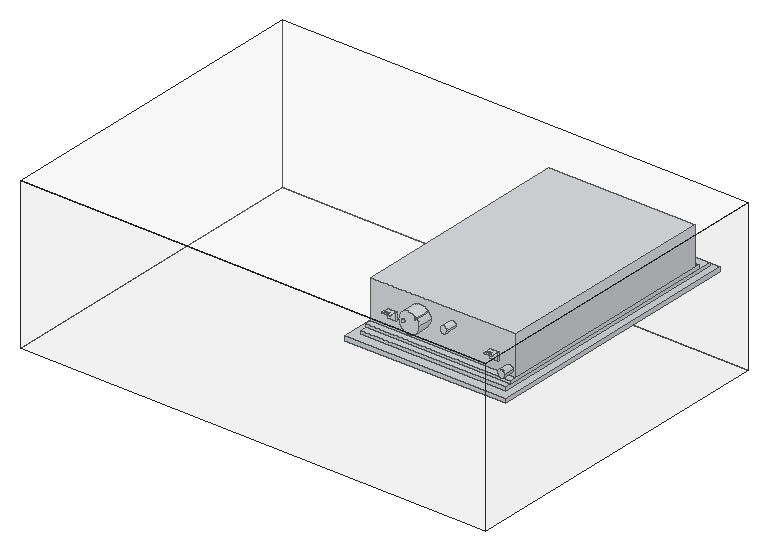
Revit family "pm-rp40_80fa21_60hz", category 機械設備, Revit 2019
Family settings
  丸型コネクタ寸法 = 直径を使用
  パーツ タイプ = 標準
  OmniClass 番号 = 23.75.10.24.21.27.27
  OmniClass タイトル = Split System Air Conditioning Units
  作業面ベース = いいえ
  常に垂直 = はい
  ロード時にボイドで切り取り = いいえ
  共有 = いいえ
  部屋計算ポイント = はい
Parameters (values of type "天井1方向_PM-HRP80FA21")
  風量_静 (㎥/min) = 14
  風量_強 (㎥/min) = 20
  風量_弱 (㎥/min) = 16
  風量_中 (㎥/min) = 18
  風量 = MAX風量  # 1200.0 m³/h
  音響パワーレベル(dB) = [音響パワーレベル_強 (dB)]  # 59
  音響パワーレベル_静 (dB) = 51
  音響パワーレベル_強 (dB) = 59
  音響パワーレベル_弱 (dB) = 53
  音響パワーレベル_中 (dB) = 55
  電源種別 = ""
  電源_H = 0 mm
  電圧 = 0 V
  電動機出力_送風機 = 0.095 kW
  運転質量 = 0.00 kg
  連動 = ""
  質量 = if(製品質量 > 運転質量, 製品質量, 運転質量) * 1.2  # 40.20 kg
  負荷分類 = 3_ファン類
  製品質量_本体 = 27.00 kg
  製品質量_パネル = 6.50 kg
  構成品番 = "PM-HRP80FA21"
  ドレン管径 (外径) = 32 mm
  ドレン管径 = 25 mm
  サービススペース = yes
  【値が 0 の項目は組合せ形名にてご確認ください】 = ""
  URL = "https://www.mitsubishielectric.co.jp/ldg/wink/ssl/top.do"
  説明 = "店舗・事務所用パッケージエアコン(Mr.SLIM) [本体]1方向天井カセット形"
  設計暖房能力 = 0.00 kW
  設計冷房能力_顕熱 = 0 kW
  設計冷房能力 = 0 kW
  設置方法 = "カセット形"
  記号 = ""
  製造元 = "三菱電機株式会社"
  製品質量 = 製品質量_本体 + 製品質量_パネル  # 33.50 kg
  製品出荷対象 = "国内"
  製品リリース年月 = ""
  製品グループ = ""
  系統 = ""
  符号 = "PAC-CK1"
  積算_科目 = "1 空気調和設備"
  積算_拾い区分 [instance] = ""
  相 = 1
  盤記号 = ""
  発停方法 = "付属スイッチ"
  特殊仕様 = ""
  火災停止 = ""
  消費電力_暖房 = 0.10 kW
  消費電力_冷房 = 0.11 kW
  消費電力 = if(消費電力_冷房 > 消費電力_暖房, 消費電力_冷房, 消費電力_暖房)  # 0.11 kW
  法定耐用年数 = "6"
  極数 = 1
  材質 = ""
  本体マテリアル = none
  有効加湿量 = 0
  暖房能力 = 8.00 kW
  推奨ブレーカー容量 = 0 A
  形式_加湿器 = ""
  形式 = "1方向天井カセット形"
  幹線記号 = ""
  始動方式 = "直入"
  呼称 = "パッケージ形空気調和機_室内機"
  周波数 = 60 Hz
  吊り位置Y = 1173 mm
  吊り位置X = 510 mm
  吊りボルト_H = 117 mm
  台数_手元リモコン = ""
  台数_冷媒分岐ユニット = ""
  参照している仕様書等のバージョン = "公共建築工事標準仕様書（機械設備工事編）平成31年度版"
  加湿給水管径 = 0 mm
  分類コード = "5.0053E+13"
  分類グループ = ""
  冷房能力 = 7.1 kW
  冷媒高低圧ガス管径 = 0 mm
  冷媒管径符号 = "Bd"
  冷媒管径 = 100 mm
  冷媒液管高さ = 171 mm
  冷媒液管長さ = 72 mm
  冷媒液管径 = 9.5 mm
  冷媒ガス管高さ = 141 mm
  冷媒ガス管長さ = 72 mm
  冷媒ガス管径 = 15.9 mm
  企業コード = "108420"
  付属品_フィルター = ""
  付属品 = ""
  仕様書バージョン = "Version1.0"
  Model = ""
  パネルマテリアル = none
  ドレン管高さ = 159 mm
  コメント [instance] = ""
  ケーブル種類 = ""
  ケーブルサイズ = 0 mm
  Width = 724 mm
  Version = ""
  Uniclass2015Version = "Systems v1.9"
  Uniclass2015Title = "Split coil remote air cooled condensing units"
  Uniclass2015Code = "Pr_70_65_03_84"
  SpecificationReference = ""
  SpecificationDescription = ""
  S_H = 230 mm
  Revision = ""
  ProductInformation = ""
  Panel Width = 800 mm
  Panel Height = 20 mm
  Panel Depth = 1340 mm
  OmniClassCode = "23-33 17 13 11"
  MIN風量 = [風量_静 (㎥/min)] * 60.0 m³/h  # 840.0 m³/h
  MID風量2 = [風量_弱 (㎥/min)] * 60.0 m³/h  # 960.0 m³/h
  MID風量 = [風量_中 (㎥/min)] * 60.0 m³/h  # 1080.0 m³/h
  MAX風量 = [風量_強 (㎥/min)] * 60.0 m³/h  # 1200.0 m³/h
  IfcTypeProduct = ""
  IfcProduct = ""
  IfcExportType = "AIRCONDITIONINGUNIT"
  IfcExportAs = "IfcUnitaryEquipmentType"
  Height = 225 mm
  Depth = 1112 mm
  価格 = 0
  Clearance Top = 230 mm
  Clearance Right = 20 mm
  Clearance Left = 1500 mm
  Clearance Front = 150 mm
  Clearance Bottom = 500 mm
  Clearance Back = 150 mm
  Author = "三菱電機株式会社"
Types (8, lengths in mm): name | 風量_静 (㎥/min) | 風量_強 (㎥/min) | 風量_弱 (㎥/min) | 風量_中 (㎥/min) | 風量 | 音響パワーレベル(dB) | 音響パワーレベル_静 (dB) | 音響パワーレベル_強 (dB) | 音響パワーレベル_弱 (dB) | 音響パワーレベル_中 (dB) | 電源_H | 電動機出力_送風機 | 質量 | 製品質量_本体 | 構成品番 | 製品質量 | 消費電力_暖房 | 消費電力_冷房 | 消費電力 | 暖房能力 | 冷房能力 | 冷媒管径符号 | 冷媒液管径 | 冷媒ガス管径 | MIN風量 | MID風量2 | MID風量 | MAX風量
  天井1方向_PM-RP40FA21 | 11 | 15 | 12 | 14 | 900.0 m³/h | 55 | 47 | 55 | 50 | 52 | 60 | 0.09 kW | 37.80 kg | 25.00 kg | "PM-RP40FA21" | 31.50 kg | 0.07 kW | 0.08 kW | 0.08 kW | 4.00 kW | 3.6 kW | "Ac" | 6.4 | 12.7 | 660.0 m³/h | 720.0 m³/h | 840.0 m³/h | 900.0 m³/h
  天井1方向_PM-RP45FA21 | 11 | 15 | 12 | 14 | 900.0 m³/h | 55 | 47 | 55 | 50 | 52 | 60 | 0.09 kW | 37.80 kg | 25.00 kg | "PM-RP45FA21" | 31.50 kg | 0.07 kW | 0.08 kW | 0.08 kW | 4.50 kW | 4 kW | "Ac" | 6.4 | 12.7 | 660.0 m³/h | 720.0 m³/h | 840.0 m³/h | 900.0 m³/h
  天井1方向_PM-RP50FA21 | 11 | 15 | 12 | 14 | 900.0 m³/h | 55 | 47 | 55 | 50 | 52 | 60 | 0.09 kW | 37.80 kg | 25.00 kg | "PM-RP50FA21" | 31.50 kg | 0.07 kW | 0.08 kW | 0.08 kW | 5.00 kW | 4.5 kW | "Ac" | 6.4 | 12.7 | 660.0 m³/h | 720.0 m³/h | 840.0 m³/h | 900.0 m³/h
  天井1方向_PM-RP56FA21 | 14 | 17 | 15 | 16 | 1020.0 m³/h | 55 | 50 | 55 | 51 | 53 | 60 | 0.095 kW | 39.00 kg | 26.00 kg | "PM-RP56FA21" | 32.50 kg | 0.07 kW | 0.08 kW | 0.08 kW | 5.60 kW | 5 kW | "Ac" | 6.4 | 12.7 | 840.0 m³/h | 900.0 m³/h | 960.0 m³/h | 1020.0 m³/h
  天井1方向_PM-RP63FA21 | 14 | 19 | 16 | 17 | 1140.0 m³/h | 56 | 50 | 56 | 52 | 54 | 60 | 0.095 kW | 39.00 kg | 26.00 kg | "PM-RP63FA21" | 32.50 kg | 0.08 kW | 0.09 kW | 0.09 kW | 6.30 kW | 5.6 kW | "Ac" | 6.4 | 12.7 | 840.0 m³/h | 960.0 m³/h | 1020.0 m³/h | 1140.0 m³/h
  天井1方向_PM-RP71FA21 | 14 | 20 | 16 | 18 | 1200.0 m³/h | 58 | 51 | 58 | 53 | 55 | 60 | 0.095 kW | 39.00 kg | 26.00 kg | "PM-RP71FA21" | 32.50 kg | 0.09 kW | 0.10 kW | 0.10 kW | 7.10 kW | 6.3 kW | "Bd" | 9.5 | 15.9 | 840.0 m³/h | 960.0 m³/h | 1080.0 m³/h | 1200.0 m³/h
  天井1方向_PM-RP80FA21 | 14 | 20 | 16 | 18 | 1200.0 m³/h | 58 | 51 | 58 | 53 | 55 | 0 | 0.095 kW | 39.00 kg | 26.00 kg | "PM-RP80FA21" | 32.50 kg | 0.09 kW | 0.10 kW | 0.10 kW | 8.00 kW | 7.1 kW | "Bd" | 9.5 | 15.9 | 840.0 m³/h | 960.0 m³/h | 1080.0 m³/h | 1200.0 m³/h
  天井1方向_PM-HRP80FA21 | 14 | 20 | 16 | 18 | 1200.0 m³/h | 59 | 51 | 59 | 53 | 55 | 0 | 0.095 kW | 40.20 kg | 27.00 kg | "PM-HRP80FA21" | 33.50 kg | 0.10 kW | 0.11 kW | 0.11 kW | 8.00 kW | 7.1 kW | "Bd" | 9.5 | 15.9 | 840.0 m³/h | 960.0 m³/h | 1080.0 m³/h | 1200.0 m³/h
Reference planes
  plane 1 "中心(正面/背面)": y = 0
  plane 2: z = 0
  plane 3 "中心(左/右)": x = 0
  plane 4: x = -400
  plane 5: x = 400
  plane 6: y = 670
  plane 7: y = -670
  plane 8: z = 225
  plane 9: z = 230
  plane 10: x = -255
  plane 11: x = 255
  plane 12: y = 586.5
  plane 13: y = -586.5
  plane 14: y = 556
  plane 15: y = -556
  plane 16: x = -362
  plane 17: x = 362
  plane 18: x = -1900
  plane 19: x = 420
  plane 20: y = 820
  plane 21: y = -820
  plane 22: z = 230
  plane 23: z = -20
  plane 24: z = -520
Dimensions and locks
  equal spacing: plane 4, plane 3 "中心(左/右)", plane 5
  plane 4 to plane 5 = 800 mm
  equal spacing: plane 7, plane 1 "中心(正面/背面)", plane 6
  plane 4 to plane 10 = 145 mm
  plane 11 to plane 5 = 145 mm
  "S_H": plane 9 to level
  "吊り位置X": plane 10 to plane 11
  equal spacing: plane 10, plane 3 "中心(左/右)", plane 11
  equal spacing: plane 13, plane 1 "中心(正面/背面)", plane 12
  "吊り位置Y": plane 13 to plane 12
  equal spacing: plane 15, plane 1 "中心(正面/背面)", plane 14
  "Depth": plane 15 to plane 14
  equal spacing: plane 16, plane 3 "中心(左/右)", plane 17
  "Width": plane 16 to plane 17
  "Clearance Left": plane 18 to plane 4
  "Clearance Right": plane 5 to plane 19
  "Clearance Back": plane 6 to plane 20
  "Clearance Front": plane 21 to plane 7
  locked: level to plane 23 at 20
  "Clearance Bottom": plane 23 to plane 24
  "Clearance Top": plane 22 to level
  plane 12 to plane 6 = 83.5 mm
  plane 7 to plane 13 = 83.5 mm
  plane 7 to plane 6 = 1340 mm
  "Height": plane 8 to level
  aligned and locked: level to plane 2
  aligned and locked: plane 10 to nested 2
  aligned and locked: plane 11 to nested 2
  aligned and locked: nested 2 to plane 12
  aligned and locked: plane 13 to nested 2
  aligned and locked: plane 18 to nested 1
  aligned and locked: plane 19 to nested 1
  aligned and locked: nested 1 to plane 21
  aligned and locked: nested 1 to plane 20
  aligned and locked: plane 22 to nested 1
  aligned and locked: plane 24 to nested 1
  aligned and locked: plane 1 "中心(正面/背面)" to nested 3
  aligned and locked: nested 3 to plane 3 "中心(左/右)"
Nested families
  nested 1: "サービススペース" at (-740, 0, -145), visible <- "サービススペース", type "サービススペース", detail levels fine
    with Width 2320 mm, Height 750 mm, Depth 1640 mm
  nested 2: "固定点" at (-255, -586.5, 0), type "固定点"
    with W 510 mm, D 1173 mm
  nested 3: "PM-RP_FA" at (0, 0, 0) x (0, -1, 0) z (0, 0, 1), type "PM-RP_FA"
    with ユニット表示 yes, 液配管サイズ 9.5 mm, 冷媒液管径-Z 171 mm, 冷媒ガス管径-Z 141 mm, ドレン配管サイズ 32 mm, ガス配管サイズ 15.9 mm
Connectors
  piping at (47, -613, 159), diameter 25, driven by "ドレン管径"
    settings: on nested 3, index 1, connector inside diameter 609.6 mm, connector length 0 mm, flow factor 0, pipe flow 0.0 L/s, pressure drop 0.0 Pa, fitting loss kfactor 0, connector angle 0.00°, fixture units 0, engagement length 0 mm, angle of deflection 0.00°, flow configuration 1, flow direction 2, fitting loss method 4, system type 16, joint type 0, gender type 0, connector reference index -1, connector utility 0, adjustable connector no, is connector primary yes, connector description ""
  piping at (-113, -628, 141), diameter 100, driven by "冷媒管径", driven by "冷媒管径符号"
    settings: on nested 3, index 2, connector inside diameter 609.6 mm, connector length 0 mm, flow factor 0, pipe flow 0.0 L/s, pressure drop 0.0 Pa, fitting loss kfactor 0, connector angle 0.00°, fixture units 0, engagement length 0 mm, angle of deflection 0.00°, flow configuration 1, flow direction 1, fitting loss method 4, system type 7, joint type 0, gender type 0, connector reference index -1, connector utility 0, adjustable connector no, is connector primary no, connector description "Bd"
  electrical at (330, -606, 60), driven by "極数", driven by "負荷分類", driven by "電圧", driven by "消費電力"
    settings: on nested 3, index 3, voltage 0 V, apparent load 110 VA, apparent load phase1 0 VA, apparent load phase2 0 VA, apparent load phase3 0 VA, power factor 1, load classification "3_ファン類", number of poles 1, system type 30, power factor state 1, is connector primary yes, connector utility no, sub classification motor no, connector description ""
Definition of nested family "サービススペース"
  Parameters (values of type "サービススペース")
    Width [instance] = 500 mm
    Height [instance] = 500 mm
    Depth [instance] = 500 mm
  Reference planes
    plane 1 "中心(正面/背面)": y = 0
    plane 2: z = 0
    plane 3 "中心(左/右)": x = 0
    plane 4: y = -250
    plane 5: x = 250
    plane 6: y = 250
    plane 7: x = -250
    plane 8: z = 250
    plane 9: z = -250
  Forms (mm)
    Extrusion 1, solid
      sketch origin (-638.939, 0, 72.39) x (1, 0, 0) y (0, 1, 0)
        loop
          line (388.939, 250) -> (388.939, -250) -> (888.939, -250) -> (888.939, 250) -> (388.939, 250)
      from -322.39 to 177.61
  Lines and regions (mm)
    symbolic lines
      curve 1: line (-250, 0, 250) -> (250, 0, 250)
      curve 2: line (-250, 0, -250) -> (-250, 0, 250)
      curve 3: line (250, 0, -250) -> (-250, 0, -250)
      curve 4: line (250, 0, 250) -> (250, 0, -250)
      curve 5: line (0, -250, 250) -> (0, 250, 250)
      curve 6: line (0, -250, -250) -> (0, -250, 250)
      curve 7: line (0, 250, -250) -> (0, -250, -250)
      curve 8: line (0, 250, 250) -> (0, 250, -250)
      curve 9: line (-250, 250, 0) -> (250, 250, 0)
      curve 10: line (-250, -250, 0) -> (-250, 250, 0)
      curve 11: line (250, -250, 0) -> (-250, -250, 0)
      curve 12: line (250, 250, 0) -> (250, -250, 0)
  Dimensions and locks
    equal spacing: plane 7, plane 3 "中心(左/右)", plane 5
    equal spacing: plane 4, plane 1 "中心(正面/背面)", plane 6
    "Depth": plane 4 to plane 6
    "Width": plane 7 to plane 5
    equal spacing: plane 8, plane 2, plane 9
    "Height": plane 8 to plane 9
    aligned and locked: plane 9 to curve 3
    aligned and locked: plane 7 to curve 2
    aligned and locked: curve 4 to plane 5
    aligned and locked: plane 5 to Extrusion 1
    aligned and locked: Extrusion 1 to plane 7
    aligned and locked: Extrusion 1 to plane 9
    aligned and locked: plane 8 to Extrusion 1
    aligned and locked: plane 9 to curve 7
  Automatic sketch dimensions
    plane 4 to Extrusion 1 sketch curve = 0 mm
    Extrusion 1 sketch curve to plane 7 = 0 mm
    Extrusion 1 sketch curve to plane 5 = 0 mm
    plane 6 to Extrusion 1 sketch curve = 0 mm
    curve 2 to plane 8 = 0 mm
    plane 4 to curve 11 = 0 mm
    curve 11 to plane 7 = 0 mm
    curve 11 to plane 5 = 0 mm
    plane 6 to curve 10 = 0 mm
    curve 7 to plane 4 = 0 mm
    curve 7 to plane 6 = 0 mm
    curve 6 to plane 8 = 0 mm
Definition of nested family "PM-RP_FA"
  Parameters (values of type "PM-RP○○FA17")
    配線取出口サイズ = 36 mm
    配線取出口-Z = 60 mm
    配線取出口-Y = 32 mm
    配線取出口-X = 50 mm
    液配管サイズ = 6.4 mm
    冷媒ガス管径-Z2 = 141 mm
    冷媒ガス管径-Z1 = 171 mm
    A = 幅さ + 228 mm  # 1340 mm
    高さ = 225 mm
    奥行き = 724 mm
    吊りボルト_H = 117 mm
    冷媒配管 = 100 mm
    冷媒液管径-Z = 156 mm
    冷媒液管径-Y = 445 mm
    冷媒液管径-X = 72 mm
    冷媒ガス管径-Z = 156 mm
    冷媒ガス管径-Y = 505 mm
    冷媒ガス管径-X = 72 mm
    ユニット表示 [instance] = yes
    ボルトピッチ = 510 mm
    ドレン配管サイズ = 25 mm
    ドレン管径-Z = 159 mm
    ドレン管径-Y = 315 mm
    ドレン管径-X = 57 mm
    ガス配管サイズ = 12.7 mm
    D = 幅さ + 61 mm  # 1173 mm
    幅さ = 1112 mm
    B = 幅さ + 188 mm  # 1300 mm
  Reference planes
    plane 1 "中心(正面/背面)": y = 0
    plane 2: z = 0
    plane 3 "中心(左/右)": x = 0
    plane 4: x = -670
    plane 5: x = 670
    plane 6: y = 400
    plane 7: y = -400
    plane 8: z = 225
    plane 9: z = -20
    plane 10: x = -556
    plane 11: x = 556
    plane 12: y = 362
    plane 13: y = -362
    plane 14: z = 16
    plane 15: x = -650
    plane 16: x = 650
    plane 17: x = 586.5
    plane 18: x = -586.5
    plane 19: z = 32
    plane 20: x = 620
    plane 21: y = 255
    plane 22: y = -255
    plane 23: x = 628
    plane 24: y = -143
    plane 25: z = 156
    plane 26: x = 628
    plane 27: y = -83
    plane 28: x = 613
    plane 29: y = 47
    plane 30: z = 159
    plane 31: x = 606
    plane 32: y = 330
    plane 33: z = 60
    plane 34: z = 117
    plane 35: z = 115
    plane 36: z = 75
    plane 37: y = 275
    plane 38: y = 235
    plane 39: y = -235
    plane 40: y = -275
    plane 41: y = 260
    plane 42: y = 250
    plane 43: y = -250
    plane 44: y = -260
    plane 45: x = -596
    plane 46: x = 596
    plane 47: x = -558
    plane 48: x = 558
    plane 49: z = 141
    plane 50: z = 171
  Forms (mm)
    Extrusion 1, solid, visible <- "ユニット表示", detail levels fine
      sketch origin (0, 0, 0) x (1, 0, 0) y (0, 1, 0)
        loop
          line (-556, 362) -> (-556, -362) -> (556, -362) -> (556, 362) -> (-556, 362)
      from 32 to 225
    Extrusion 2, solid, visible <- "ユニット表示", detail levels fine
      sketch origin (-1437.329, -1524, 16) x (-1, 0, 0) y (0, -1, 0)
        loop
          line (-850.829, -1886) -> (-850.829, -1162) -> (-2023.829, -1162) -> (-2023.829, -1886) -> (-850.829, -1886)
      from 0 to 16
    Extrusion 3, solid, visible <- "ユニット表示", detail levels fine
      sketch origin (-1437.329, -1524, 16) x (-1, 0, 0) y (0, -1, 0)
        loop
          line (-787.329, -1886) -> (-787.329, -1162) -> (-2057.329, -1162) -> (-2057.329, -1886) -> (-787.329, -1886)
      from 0 to -16
    Extrusion 4, solid, visible <- "ユニット表示", detail levels fine
      sketch origin (556, 1296.25, 1200) x (0, 1, 0) y (0, 0, 1)
        loop
          circle (-1439.25, -1059) r 6.35
      from 0 to 72
    Extrusion 5, solid, visible <- "ユニット表示", detail levels fine
      sketch origin (556, 1296.25, 1200) x (0, 1, 0) y (0, 0, 1)
        loop
          circle (-1379.25, -1029) r 3.2
      from 0 to 72
    Extrusion 6, solid, visible <- "ユニット表示", detail levels fine
      sketch origin (556, 1296.25, 1200) x (0, 1, 0) y (0, 0, 1)
        loop
          circle (-1249.25, -1041) r 12.5
      from 0 to 57
    Extrusion 7, solid, visible <- "ユニット表示", detail levels fine
      sketch origin (556, 1296.25, 1200) x (0, 1, 0) y (0, 0, 1)
        loop
          circle (-966.25, -1140) r 18
      from 0 to 50
    Extrusion 8, solid, visible <- "ユニット表示", detail levels fine
      sketch origin (556, 1306.25, 1200) x (0, 1, 0) y (0, 0, 1)
        loop
          circle (-1419.25, -1044) r 50
      from 0 to 72
    Extrusion 9, solid, visible <- "ユニット表示"
      sketch origin (0, 0, 0) x (1, 0, 0) y (0, 1, 0)
        loop
          line (-670, 400) -> (-670, -400) -> (670, -400) -> (670, 400) -> (-670, 400)
      from 0 to -20
    Extrusion 10, solid, visible <- "ユニット表示", detail levels fine
      sketch origin (0, 0, 0) x (1, 0, 0) y (0, 1, 0)
        loop
          line (-581.5, 260) -> (-581.5, 250)
          arc (-581.5, 250) -> (-586.5, 245) -> (-591.5, 250) r 5
          line (-591.5, 250) -> (-596, 250) -> (-596, 235) -> (-556, 235) -> (-556, 275) -> (-596, 275) -> (-596, 260) -> (-591.5, 260)
          arc (-591.5, 260) -> (-586.5, 265) -> (-581.5, 260) r 5
        loop
          arc (581.5, 260) -> (586.5, 265) -> (591.5, 260) r 5
          line (591.5, 260) -> (596, 260) -> (596, 275) -> (556, 275) -> (556, 235) -> (596, 235) -> (596, 250) -> (591.5, 250)
          arc (591.5, 250) -> (586.5, 245) -> (581.5, 250) r 5
          line (581.5, 250) -> (581.5, 260)
        loop
          line (581.5, -260) -> (581.5, -250)
          arc (581.5, -250) -> (586.5, -245) -> (591.5, -250) r 5
          line (591.5, -250) -> (596, -250) -> (596, -235) -> (556, -235) -> (556, -275) -> (596, -275) -> (596, -260) -> (591.5, -260)
          arc (591.5, -260) -> (586.5, -265) -> (581.5, -260) r 5
        loop
          arc (-581.5, -260) -> (-586.5, -265) -> (-591.5, -260) r 5
          line (-591.5, -260) -> (-596, -260) -> (-596, -275) -> (-556, -275) -> (-556, -235) -> (-596, -235) -> (-596, -250) -> (-591.5, -250)
          arc (-591.5, -250) -> (-586.5, -245) -> (-581.5, -250) r 5
          line (-581.5, -250) -> (-581.5, -260)
      from 115 to 117
    Extrusion 11, solid, visible <- "ユニット表示", detail levels fine
      sketch origin (0, 0, 0) x (1, 0, 0) y (0, 1, 0)
        loop
          line (-558, 275) -> (-558, 235) -> (-556, 235) -> (-556, 275) -> (-558, 275)
        loop
          line (556, 275) -> (556, 235) -> (558, 235) -> (558, 275) -> (556, 275)
        loop
          line (556, -235) -> (556, -275) -> (558, -275) -> (558, -235) -> (556, -235)
        loop
          line (-558, -235) -> (-558, -275) -> (-556, -275) -> (-556, -235) -> (-558, -235)
      from 75 to 115
  Dimensions and locks
    equal spacing: plane 7, plane 1 "中心(正面/背面)", plane 6
    plane 7 to plane 6 = 800 mm
    equal spacing: plane 4, plane 3 "中心(左/右)", plane 5
    "A": plane 4 to plane 5
    locked: level to plane 9 at 20
    equal spacing: plane 13, plane 1 "中心(正面/背面)", plane 12
    "奥行き": plane 13 to plane 12
    equal spacing: plane 10, plane 3 "中心(左/右)", plane 11
    "幅さ": plane 10 to plane 11
    locked: plane 14 to level at 16
    equal spacing: plane 15, plane 3 "中心(左/右)", plane 16
    "B": plane 15 to plane 16
    equal spacing: plane 18, plane 3 "中心(左/右)", plane 17
    "D": plane 18 to plane 17
    equal spacing: plane 22, plane 1 "中心(正面/背面)", plane 21
    "ボルトピッチ": plane 22 to plane 21
    "冷媒ガス管径-X": plane 11 to plane 23
    "冷媒ガス管径-Y": plane 24 to plane 12
    "冷媒液管径-X": plane 11 to plane 26
    "冷媒液管径-Y": plane 27 to plane 12
    "ドレン管径-X": plane 11 to plane 28
    "ドレン管径-Y": plane 29 to plane 12
    "配線取出口-X": plane 11 to plane 31
    "配線取出口-Y": plane 32 to plane 12
    "配線取出口-Z": plane 33 to level
    "ドレン管径-Z": plane 30 to level
    "冷媒ガス管径-Z": plane 25 to level
    locked: plane 35 to plane 36 at 40
    locked: plane 34 to plane 35 at 2
    "吊りボルト_H": plane 34 to level
    plane 40 to plane 22 to plane 39 = 20 mm locked, 20 mm locked
    plane 38 to plane 21 to plane 37 = 20 mm locked, 20 mm locked
    plane 44 to plane 22 to plane 43 = 5 mm locked, 5 mm locked
    plane 42 to plane 21 to plane 41 = 5 mm locked, 5 mm locked
    locked: plane 45 to plane 10 at 40
    locked: plane 11 to plane 46 at 40
    locked: plane 11 to plane 48 at 2
    locked: plane 47 to plane 10 at 2
    plane 16 to plane 15 = 1300 mm
    plane 4 to plane 15 = 20 mm
    plane 15 to plane 10 = 94 mm
    plane 11 to plane 16 = 94 mm
    plane 12 to plane 6 = 38 mm
    locked: plane 19 to plane 14 at 16
    "高さ": plane 8 to level
    equal spacing: plane 24, Extrusion 8 sketch curve, plane 27
    plane 7 to plane 13 = 38 mm
    plane 16 to plane 5 = 20 mm
    "冷媒ガス管径-Z2": plane 49 to level
    "冷媒ガス管径-Z1": plane 50 to level
    "ガス配管サイズ": diameter of Extrusion 4 sketch curve
    "液配管サイズ": diameter of Extrusion 5 sketch curve
    "配線取出口サイズ": diameter of Extrusion 7 sketch curve
    "冷媒配管": diameter of Extrusion 8 sketch curve
    "ドレン配管サイズ": diameter of Extrusion 6 sketch curve
    aligned and locked: level to plane 2
    aligned and locked: plane 12 to Extrusion 1 sketch curve
    aligned and locked: plane 10 to Extrusion 1 sketch curve
    aligned and locked: Extrusion 1 sketch curve to plane 13
    aligned and locked: Extrusion 1 sketch curve to plane 11
    aligned and locked: plane 8 to Extrusion 1
    aligned and locked: plane 12 to Extrusion 2 sketch curve
    aligned and locked: plane 18 to Extrusion 2 sketch curve
    aligned and locked: Extrusion 2 sketch curve to plane 13
    aligned and locked: Extrusion 2 sketch curve to plane 17
    aligned and locked: plane 19 to Extrusion 2
    aligned and locked: Extrusion 1 to Extrusion 2
    aligned and locked: plane 12 to Extrusion 3 sketch curve
    aligned and locked: Extrusion 3 sketch curve to plane 13
    aligned and locked: Extrusion 3 sketch curve to plane 20
    aligned and locked: Extrusion 3 to level
    aligned and locked: plane 14 to Extrusion 3
    aligned and locked: plane 24 to Extrusion 4 sketch curve
    aligned and locked: Extrusion 4 to plane 11
    aligned and locked: plane 23 to Extrusion 4
    aligned and locked: plane 27 to Extrusion 5 sketch curve
    aligned and locked: plane 26 to Extrusion 5
    aligned and locked: Extrusion 5 to plane 11
    aligned and locked: plane 30 to Extrusion 6 sketch curve
    aligned and locked: plane 29 to Extrusion 6 sketch curve
    aligned and locked: Extrusion 6 to plane 11
    aligned and locked: plane 28 to Extrusion 6
    aligned and locked: plane 33 to Extrusion 7 sketch curve
    aligned and locked: plane 32 to Extrusion 7 sketch curve
    aligned and locked: Extrusion 7 to plane 11
    aligned and locked: plane 31 to Extrusion 7
    aligned and locked: plane 25 to Extrusion 8 sketch curve
    aligned and locked: Extrusion 8 to plane 11
    aligned and locked: plane 26 to Extrusion 8
    aligned and locked: level to Extrusion 9
    aligned and locked: Extrusion 9 to plane 9
    aligned and locked: Extrusion 10 sketch curve to plane 10
    aligned and locked: plane 34 to Extrusion 10
    aligned and locked: Extrusion 10 to plane 35
    aligned and locked: plane 37 to Extrusion 10 sketch curve
    aligned and locked: plane 45 to Extrusion 10 sketch curve  (x2)
    aligned and locked: Extrusion 10 sketch curve to plane 38
    aligned and locked: Extrusion 10 sketch curve to plane 42
    aligned and locked: Extrusion 10 sketch curve to plane 41
    aligned and locked: plane 41 to Extrusion 10 sketch curve  (x3)
    aligned and locked: plane 42 to Extrusion 10 sketch curve  (x3)
    aligned and locked: plane 18 to Extrusion 10 sketch curve  (x4)
    aligned and locked: plane 10 to Extrusion 10 sketch curve
    aligned and locked: Extrusion 10 sketch curve to plane 39
    aligned and locked: plane 40 to Extrusion 10 sketch curve
    aligned and locked: plane 44 to Extrusion 10 sketch curve  (x3)
    aligned and locked: plane 43 to Extrusion 10 sketch curve  (x3)
    aligned and locked: Extrusion 10 sketch curve to plane 43
    aligned and locked: Extrusion 10 sketch curve to plane 44
    aligned and locked: Extrusion 10 sketch curve to plane 45  (x2)
    aligned and locked: plane 11 to Extrusion 10 sketch curve
    aligned and locked: Extrusion 10 sketch curve to plane 46  (x2)
    aligned and locked: plane 17 to Extrusion 10 sketch curve  (x4)
    aligned and locked: Extrusion 10 sketch curve to plane 40
    aligned and locked: plane 39 to Extrusion 10 sketch curve
    aligned and locked: plane 46 to Extrusion 10 sketch curve  (x2)
    aligned and locked: plane 38 to Extrusion 10 sketch curve
    aligned and locked: Extrusion 10 sketch curve to plane 11
    aligned and locked: Extrusion 10 sketch curve to plane 37
    aligned and locked: plane 37 to Extrusion 11 sketch curve
    aligned and locked: plane 47 to Extrusion 11 sketch curve  (x2)
    aligned and locked: Extrusion 11 sketch curve to Extrusion 10  (x8)
    aligned and locked: Extrusion 11 sketch curve to plane 38
    aligned and locked: Extrusion 11 sketch curve to plane 48  (x2)
    aligned and locked: Extrusion 11 sketch curve to plane 40
    aligned and locked: plane 39 to Extrusion 11 sketch curve
    aligned and locked: Extrusion 11 to Extrusion 10
    aligned and locked: Extrusion 11 to plane 36
    aligned and locked: plane 49 to Extrusion 4 sketch curve
    aligned and locked: plane 50 to Extrusion 5 sketch curve
  Automatic sketch dimensions
    Extrusion 9 sketch curve to plane 4 = 0 mm
    Extrusion 9 sketch curve to plane 5 = 0 mm
    plane 7 to Extrusion 9 sketch curve = 0 mm
    plane 6 to Extrusion 9 sketch curve = 0 mm
    Extrusion 10 sketch curve to plane 18 = 5 mm  (x2)
    Extrusion 10 sketch curve to plane 17 = 5 mm  (x2)
    Extrusion 3 sketch curve to plane 15 = 0 mm
Definition of nested family "固定点"
  Parameters (values of type "固定点")
    中心円 = 20 mm
    W [instance] = 1000 mm
    D [instance] = 1000 mm
  Reference planes
    plane 1 "中心(正面/背面)": y = 0
    plane 2: z = 0
    plane 3 "中心(左/右)": x = 0
    plane 4: x = 1000
    plane 5: y = 1000
  Lines and regions (mm)
    symbolic lines, detail levels fine
      curve 1: circle (0, 1000, 0) r 10 normal (0, 0, 1)
      curve 2: circle (0, 0, 0) r 10 normal (0, 0, 1)
      curve 3: circle (1000, 1000, 0) r 10 normal (0, 0, 1)
      curve 4: circle (1000, 0, 0) r 10 normal (0, 0, 1)
      curve 5: line (-200, 1000, 0) -> (1200, 1000, 0)
      curve 6: line (-200, 0, 0) -> (1200, 0, 0)
      curve 7: line (0, 1200, 0) -> (0, -200, 0)
      curve 8: line (1000, 1200, 0) -> (1000, -200, 0)
  Dimensions and locks
    "W": plane 3 "中心(左/右)" to plane 4
    "D": plane 1 "中心(正面/背面)" to plane 5
    "中心円": diameter of curve 1
    "中心円": diameter of curve 2
    "中心円": diameter of curve 3
    "中心円": diameter of curve 4
    aligned and locked: level to plane 2
    aligned and locked: plane 5 to curve 1
    aligned and locked: plane 3 "中心(左/右)" to curve 1
    aligned and locked: plane 3 "中心(左/右)" to curve 2
    aligned and locked: plane 1 "中心(正面/背面)" to curve 2
    aligned and locked: plane 4 to curve 3
    aligned and locked: plane 5 to curve 3
    aligned and locked: plane 1 "中心(正面/背面)" to curve 4
    aligned and locked: plane 4 to curve 4
    aligned and locked: plane 1 "中心(正面/背面)" to curve 6
    aligned and locked: curve 7 to plane 3 "中心(左/右)"
    aligned and locked: curve 8 to plane 4
  Automatic sketch dimensions
    curve 5 to plane 5 = 0 mm
    curve 6 to plane 3 "中心(左/右)" = 200 mm
    curve 5 to plane 3 "中心(左/右)" = 200 mm
    curve 4 to curve 6 = 200 mm
    curve 3 to curve 5 = 200 mm
    plane 1 "中心(正面/背面)" to curve 8 = 200 mm
    plane 1 "中心(正面/背面)" to curve 7 = 200 mm
    curve 3 to curve 8 = 200 mm
    curve 1 to curve 7 = 200 mm
